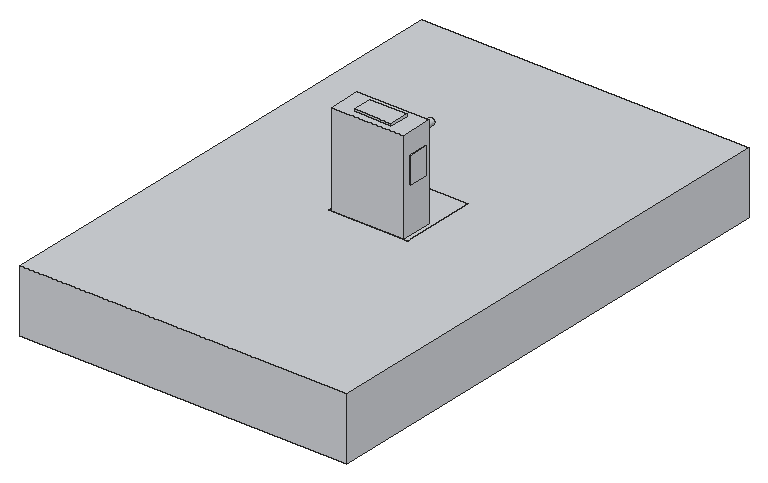
Revit family "M_Bebedouro - Obstáculo", category Peças hidrossanitárias, Revit 2019
Family settings
  Hospedeiro = Face
  Cota do conector redondo = Usar raio
  Tipo de parte = Normal
  Número OmniClass = 23.65.70.14.11
  Título OmniClass = Drinking Fountains/Coolers
  ID de item do Seek = Drinking Fountain - Handicap-0000-CAN-ENU
  Corte com vazios quando carregada = Não
  Compartilhado = Não
  Ponto de cálculo do ambiente = Não
Parameters (values of type "Padrão")
  HWFU = 0
  Largura da fonte = 350 mm
  Raio do sanitário = 16 mm
  Diâmetro do sanitário = Raio do sanitário * 2  # 32 mm
  WFU = 0.5
  Material da pia = none
  Comprimento da fonte = 450 mm
  Largura da meia fonte = Largura da fonte / 2  # 175 mm
  Largura de meia parede = Largura da meia fonte + 17.462 mm  # 192.463 mm
  Pressão do fluxo [instance] = 55158.0 Pa
  Material da torneira = none
  Elevação-padrão = 915 mm
  Conector pos. y 2 = 340.5 mm
  Conector pos. x 2 = Largura de meia parede + 101.6 mm  # 294.062 mm
  Conector pos. y 1 = 304.8 mm
  Conector pos. x 1 = Largura de meia parede - 101.6 mm  # 90.862 mm
  Raio da água gelada = 5 mm
  Diâmetro da água gelada = Raio da água gelada * 2  # 10 mm
  CWFU = 0.25
  Material do botão = none
Reference planes
  plane 1 "Centro (Frente/Trás)": y = 0
  plane 2: z = 0
  plane 3 "Centro (Esquerda/Direita)": x = 0
  plane 4 "Parte superior da parede": y = 213.519
  plane 5 "Inferior da parede": y = -152.4
  plane 6 "Esquerda da parede": x = -192.462
  plane 7 "Direita da parede": x = 192.463
  plane 8 "Espessura da parede": z = 3.175
  plane 9 "Parte superior da fonte": z = 453.175
  plane 10 "Direita da fonte": x = 175
  plane 11 "Esquerda da fonte": x = -175
  plane 12: z = 416.663
  plane 13: z = 142.025
  plane 14: x = 149.225
  plane 15: x = -149.225
  plane 16: x = 117.85
  plane 17: z = 380.15
  plane 18: z = 450
  plane 19: z = 419.838
  plane 20: x = -171.825
  plane 21: x = -152.4
  plane 22: x = 171.825
  plane 23: x = 152.4
  plane 24: z = 138.85
  plane 25: z = 6.35
  plane 26: x = 146.05
  plane 27: z = 411.162
  plane 28: y = -3.175
  plane 29: y = -149.225
  plane 30: z = 383.325
  plane 31: x = 114.675
  plane 32: y = -61.119
  plane 33: y = -64.294
  plane 34: z = 183.3
  plane 35: x = -107.95
  plane 36: y = 48.419
  plane 37: z = 357.131
  plane 38: z = 229.337
  plane 39: x = 184.944
  plane 40: x = -184.944
  plane 41: y = -30.163
  plane 42: y = -122.238
  plane 43: x = 88.9
  plane 44: x = -88.9
  plane 45: z = 462.7
  plane 46: z = 127
  plane 47: x = 154.363
  plane 48: x = -154.362
  plane 49: z = 424.6
  plane 50 "Centro 1": x = 146.425
  plane 51 "Centro 2": z = 416.662
  plane 52: x = -101.6
  plane 53: y = -126.981
  plane 54: x = 101.6
  plane 55: y = -91.281
Forms (mm)
  Extrusion 1, solid
    sketch origin (0, 0, 0) x (1, 0, 0) y (0, 1, 0)
      loop
        line (-835.854, 1219.2) -> (-835.854, -1219.2) -> (751.262, -1219.2) -> (751.262, 1219.2) -> (-835.854, 1219.2)
    from 0 to -304.8
  Extrusion 2, solid, material <- "Material da pia"
    sketch origin (0, 0, 0) x (1, 0, 0) y (0, 1, 0)
      loop
        line (-192.462, 213.519) -> (-192.462, -152.4) -> (192.462, -152.4) -> (192.462, 213.519) -> (-192.462, 213.519)
    from 0 to 3.175
  Extrusion 3, solid, material <- "Material da pia"
    sketch origin (0, 0, 0) x (1, 0, 0) y (0, 0, 1)
      loop
        line (175, 3.175) -> (175, 453.175) -> (-175, 453.175) -> (-175, 3.175) -> (175, 3.175)
      loop
        line (117.85, 416.663) -> (-149.225, 416.663) -> (-149.225, 142.025) -> (149.225, 142.025) -> (149.225, 380.15) -> (117.85, 380.15) -> (117.85, 416.663)
    from 0 to 152.4
  Extrusion 4, solid, material <- "Material da pia"
    sketch origin (0, 0, 0) x (0, 1, 0) y (0, 0, 1)
      loop
        line (-61.119, 416.663) -> (-152.4, 416.663) -> (-152.4, 142.025) -> (-61.119, 142.025) -> (-61.119, 416.663)
    from -149.225 to 149.225
  Extrusion 5, void
    sketch origin (0, 0, 0) x (1, 0, 0) y (0, 0, 1)
      loop
        circle (-107.95, 183.3) r 12.7
    from 61.119 to 64.294
  Extrusion 6, solid, material <- "Material do botão", detail levels fine
    sketch origin (0, 0, 0) x (1, 0, 0) y (0, 0, 1)
      loop
        line (-175, 357.131) -> (-184.944, 357.131) -> (-184.944, 229.337) -> (-175, 229.337) -> (-175, 357.131)
    from 30.163 to 122.238
  Extrusion 7, solid, material <- "Material do botão", detail levels fine
    sketch origin (0, 0, 0) x (1, 0, 0) y (0, 0, 1)
      loop
        line (184.944, 357.131) -> (175, 357.131) -> (175, 229.337) -> (184.944, 229.337) -> (184.944, 357.131)
    from 30.163 to 122.238
  Extrusion 8, solid, material <- "Material do botão", detail levels fine
    sketch origin (0, 0, 0) x (1, 0, 0) y (0, 0, 1)
      loop
        line (88.9, 462.7) -> (-88.9, 462.7) -> (-88.9, 453.175) -> (88.9, 453.175) -> (88.9, 462.7)
    from 30.163 to 122.237
  Extrusion 9, solid, material <- "Material da torneira", detail levels fine
    sketch origin (0, 0, 0) x (1, 0, 0) y (0, 0, 1)
      loop
        arc (156.209, 404.161) -> (158.927, 426.446) -> (136.641, 429.164) r 15.875
        line (136.641, 429.164) -> (156.209, 404.161)
    from -48.419 to 0
  Extrusion 10, solid, material <- "Material da pia"
    sketch origin (0, 0, 0) x (1, 0, 0) y (0, 1, 0)
      loop
        circle (-101.6, -126.981) r 10.032
    from 0 to 3.175
  Extrusion 11, solid, material <- "Material da pia"
    sketch origin (0, 0, 0) x (1, 0, 0) y (0, 1, 0)
      loop
        circle (101.6, -91.281) r 6.35
    from 0 to 3.175
  Extrusion 12, solid, material <- "Material da pia"
    sketch origin (0, 0, 0) x (1, 0, 0) y (0, 0, 1)
      loop
        circle (-107.95, 183.3) r 12.7
    from 61.119 to 64.294
Cuts and joins
  Extrusion 5 cuts Extrusion 3
  Extrusion 5 cuts Extrusion 4
  joined: Extrusion 3, Extrusion 4
  joined: Extrusion 10, Extrusion 11
  joined: Extrusion 6, Extrusion 7, Extrusion 8
Lines and regions (mm)
  reference lines
    curve 1: line (175, 0, 380.15) -> (117.85, 0, 453.175)
Dimensions and locks
  plane 4 "Parte superior da parede" to plane 1 "Centro (Frente/Trás)" = 213.519 mm
  plane 5 "Inferior da parede" to plane 1 "Centro (Frente/Trás)" = 152.4 mm
  equal spacing: plane 6 "Esquerda da parede", plane 3 "Centro (Esquerda/Direita)", plane 7 "Direita da parede"
  "Largura de meia parede": plane 6 "Esquerda da parede" to plane 3 "Centro (Esquerda/Direita)"
  locked: plane 8 "Espessura da parede" to plane 2 at 3.175
  "Comprimento da fonte": plane 9 "Parte superior da fonte" to plane 8 "Espessura da parede"
  equal spacing: plane 11 "Esquerda da fonte", plane 3 "Centro (Esquerda/Direita)", plane 10 "Direita da fonte"
  "Largura da meia fonte": plane 3 "Centro (Esquerda/Direita)" to plane 10 "Direita da fonte"
  locked: plane 12 to plane 9 "Parte superior da fonte" at 36.512
  locked: plane 13 to plane 12 at 274.637
  locked: plane 16 to plane 10 "Direita da fonte" at 57.15
  locked: plane 17 to plane 9 "Parte superior da fonte" at 73.025
  locked: plane 18 to plane 9 "Parte superior da fonte" at 3.175
  locked: plane 15 to plane 21 at 3.175
  locked: plane 11 "Esquerda da fonte" to plane 20 at 3.175
  locked: plane 12 to plane 19 at 3.175
  locked: plane 22 to plane 10 "Direita da fonte" at 3.175
  locked: plane 23 to plane 14 at 3.175
  locked: plane 24 to plane 13 at 3.175
  locked: Extrusion 2 to plane 25 at 3.175
  locked: plane 14 to plane 26 at 3.175
  plane 27 to Extrusion 3 = 5.5 mm
  locked: plane 1 "Centro (Frente/Trás)" to plane 28 at 3.175
  locked: plane 29 to plane 5 "Inferior da parede" at 3.175
  locked: plane 30 to plane 17 at 3.175
  locked: plane 31 to plane 16 at 3.175
  locked: plane 1 "Centro (Frente/Trás)" to plane 32 at 61.119
  locked: plane 32 to plane 33 at 3.175
  locked: cut or joined group of Extrusion 3, Extrusion 4, Extrusion 5 to plane 35 at 41.275
  locked: plane 13 to plane 34 at 41.275
  locked: plane 36 to plane 1 "Centro (Frente/Trás)" at 48.419
  locked: plane 37 to plane 9 "Parte superior da fonte" at 96.044
  locked: plane 38 to plane 37 at 127.794
  locked: plane 1 "Centro (Frente/Trás)" to plane 41 at 30.163
  locked: plane 42 to plane 5 "Inferior da parede" at 30.162
  equal spacing: plane 44, plane 3 "Centro (Esquerda/Direita)", plane 43
  plane 3 "Centro (Esquerda/Direita)" to plane 43 = 88.9 mm
  locked: plane 9 "Parte superior da fonte" to plane 45 at 9.525
  locked: plane 2 to plane 46 at 127
  locked: plane 7 "Direita da parede" to plane 47 at 38.1
  locked: plane 6 "Esquerda da parede" to plane 48 at 38.1
  locked: plane 49 to plane 45 at 38.1
  equal spacing: plane 16, plane 50 "Centro 1", plane 10 "Direita da fonte"
  equal spacing: plane 17, plane 51 "Centro 2", plane 9 "Parte superior da fonte"
  "Conector pos. x 2": plane 52 to plane 7 "Direita da parede"
  "Conector pos. y 2": plane 4 "Parte superior da parede" to plane 53
  "Conector pos. x 1": plane 54 to plane 7 "Direita da parede"
  "Conector pos. y 1": plane 4 "Parte superior da parede" to plane 55
  radius of cut or joined group of Extrusion 3, Extrusion 4, Extrusion 5 = 12.7 mm
  radius of Extrusion 9 sketch curve = 15.875 mm
  radius of Extrusion 12 sketch curve = 12.7 mm
  aligned and locked: plane 2 to Extrusion 1
  aligned and locked: level to Extrusion 1
  aligned and locked: plane 6 "Esquerda da parede" to Extrusion 2 sketch curve
  aligned and locked: Extrusion 2 sketch curve to plane 4 "Parte superior da parede"
  aligned and locked: plane 5 "Inferior da parede" to Extrusion 2 sketch curve
  aligned and locked: Extrusion 2 sketch curve to plane 7 "Direita da parede"
  aligned and locked: Extrusion 2 to level
  aligned and locked: plane 8 "Espessura da parede" to Extrusion 2
  aligned and locked: plane 10 "Direita da fonte" to Extrusion 3 sketch curve
  aligned and locked: plane 8 "Espessura da parede" to Extrusion 3 sketch curve
  aligned and locked: plane 9 "Parte superior da fonte" to Extrusion 3 sketch curve
  aligned and locked: Extrusion 3 sketch curve to plane 11 "Esquerda da fonte"
  aligned and locked: plane 16 to Extrusion 3 sketch curve
  aligned and locked: Extrusion 3 sketch curve to plane 14
  aligned and locked: Extrusion 3 sketch curve to plane 17
  aligned and locked: Extrusion 3 sketch curve to plane 13
  aligned and locked: plane 15 to Extrusion 3 sketch curve
  aligned and locked: Extrusion 3 sketch curve to plane 12
  aligned and locked: Extrusion 3 to plane 1 "Centro (Frente/Trás)"
  aligned and locked: Extrusion 3 to plane 5 "Inferior da parede"
  aligned and locked: plane 32 to Extrusion 4 sketch curve
  aligned and locked: plane 13 to Extrusion 4 sketch curve
  aligned and locked: Extrusion 4 sketch curve to plane 12
  aligned and locked: Extrusion 4 to plane 15
  aligned and locked: plane 14 to Extrusion 4
  aligned and locked: plane 35 to Extrusion 5 sketch curve
  aligned and locked: plane 34 to Extrusion 5 sketch curve
  aligned and locked: Extrusion 5 to plane 32
  aligned and locked: plane 11 "Esquerda da fonte" to Extrusion 6 sketch curve
  aligned and locked: plane 37 to Extrusion 6 sketch curve
  aligned and locked: plane 38 to Extrusion 6 sketch curve
  aligned and locked: Extrusion 6 sketch curve to plane 40
  aligned and locked: Extrusion 6 to plane 41
  aligned and locked: plane 42 to Extrusion 6
  aligned and locked: plane 37 to Extrusion 6
  aligned and locked: Extrusion 6 to plane 38
  aligned and locked: plane 39 to Extrusion 7 sketch curve
  aligned and locked: plane 37 to Extrusion 7 sketch curve
  aligned and locked: plane 38 to Extrusion 7 sketch curve
  aligned and locked: Extrusion 7 sketch curve to cut or joined group of Extrusion 3, Extrusion 4, Extrusion 5
  aligned and locked: plane 42 to Extrusion 7
  aligned and locked: Extrusion 7 to plane 41
  aligned and locked: plane 37 to Extrusion 7
  aligned and locked: Extrusion 7 to plane 38
  aligned and locked: plane 43 to Extrusion 8 sketch curve
  aligned and locked: Extrusion 8 sketch curve to plane 45
  aligned and locked: plane 9 "Parte superior da fonte" to Extrusion 8 sketch curve
  aligned and locked: plane 44 to Extrusion 8 sketch curve
  aligned and locked: Extrusion 8 to plane 41
  aligned and locked: plane 42 to Extrusion 8
  aligned and locked: Extrusion 8 to plane 45
  aligned and locked: Extrusion 8 to plane 9 "Parte superior da fonte"
  aligned and locked: Extrusion 9 to plane 36
  aligned and locked: plane 1 "Centro (Frente/Trás)" to Extrusion 9
  aligned and locked: plane 51 "Centro 2" to Extrusion 9 sketch curve
  aligned and locked: plane 50 "Centro 1" to Extrusion 9 sketch curve
  aligned and locked: curve 1 to Extrusion 9 sketch curve
  aligned and locked: Extrusion 11 to level
  aligned and locked: plane 8 "Espessura da parede" to Extrusion 11
  aligned and locked: Extrusion 10 to level
  aligned and locked: plane 8 "Espessura da parede" to Extrusion 10
  aligned and locked: plane 35 to Extrusion 12 sketch curve
  aligned and locked: plane 34 to Extrusion 12 sketch curve
  aligned and locked: Extrusion 4 to plane 5 "Inferior da parede"
Automatic sketch dimensions
  plane 33 to Extrusion 4 sketch curve = 88.106 mm
  curve 1 to plane 9 "Parte superior da fonte" = 0 mm
  curve 1 to plane 16 = 0 mm
  curve 1 to plane 10 "Direita da fonte" = 0 mm
  curve 1 to plane 17 = 0 mm
  Extrusion 11 sketch curve to plane 54 = 0 mm
  Extrusion 11 sketch curve to plane 55 = 0 mm
  Extrusion 10 sketch curve to plane 52 = 0 mm
  Extrusion 10 sketch curve to plane 53 = 0 mm
  Extrusion 1 sketch curve to Extrusion 1 sketch curve = 1587.117 mm
  Extrusion 1 sketch curve to Extrusion 1 sketch curve = 2438.4 mm
  radius of Extrusion 5 sketch curve = 12.7 mm
  radius of Extrusion 11 sketch curve = 6.35 mm
  radius of Extrusion 10 sketch curve = 10.032 mm
Connectors
  piping at (101.6, -91.281, 0), diameter 10, driven by "Raio da água gelada", driven by "Pressão do fluxo", driven by "CWFU"
    settings: on cut or joined group of Extrusion 10, Extrusion 11, index 1, connector inside diameter 10 mm, connector length 0 mm, flow factor 0, pipe flow 0.0 L/s, pressure drop 55158.0 Pa, fitting loss kfactor 0, connector angle 0.00°, fixture units 0.25, engagement length 0 mm, angle of deflection 0.00°, flow configuration 3, flow direction 1, fitting loss method 4, system type 20, joint type 0, gender type 0, connector reference index -1, connector utility 0, adjustable connector no, is connector primary yes, connector description "In"
  piping at (-101.6, -126.981, 0), diameter 32, driven by "Raio do sanitário", driven by "WFU"
    settings: on cut or joined group of Extrusion 10, Extrusion 11, index 2, connector inside diameter 32 mm, connector length 0 mm, flow factor 0, pipe flow 0.0 L/s, pressure drop 0.0 Pa, fitting loss kfactor 0, connector angle 0.00°, fixture units 0.5, engagement length 0 mm, angle of deflection 0.00°, flow configuration 3, flow direction 2, fitting loss method 0, system type 16, joint type 0, gender type 0, connector reference index -1, connector utility 0, adjustable connector yes, is connector primary no, connector description "Saída"
